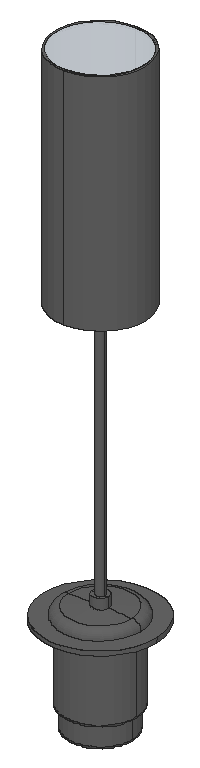
Revit family "LTC-4RDW-P", category Lighting Fixtures, host Face, Revit 2021
Family settings
  Host = Face
  Round Connector Dimension = Use Diameter
  Part Type = Normal
  OmniClass Number = 23.80.70.11.14.11
  OmniClass Title = Downlights
  Cut with Voids When Loaded = No
  Light Source = Yes
  Shared = No
  Room Calculation Point = No
Parameters (values of type "LTC-4RDW-P")
  Wattage Comments = "8-52W"
  Wattage = 100 W
  Warranty = "• 5 year warranty\r\n• See HLI Standard Warranty for\r\nadditional information"  # constant formula
  built-in parameter 1150110 = 1 (stored number, unit not read)
  Voltage = 120 V
  built-in parameter 1114217 = 1 (stored number, unit not read)
  Tilt Angle = -90.00°  # constant formula
  built-in parameter 1150109 = 1 (stored number, unit not read)
  built-in parameter 1150134 = 3
  built-in parameter 1150113 = 1 (stored number, unit not read)
  Photometric Web File = "LTC-4RD-P-20L35K8MD-DM1-S-BL.ies"
  Features = "•\t4inch architectural LED round downlight and wall wash cylinder delivering 600 - 4000 lm\r\n•\t4 beam distributions from 0.4 to 1.2 Spacing Criteria\r\n•\tQuiet reflector appearance with 50º optical cutoff\r\n•\t2700K - 5000K, 80+ and 90+ CRI options\r\n•\tAvailable in Surface, Wall, Pendant, or Cord Mount configurations\r\n•\tVariety of dimming protocol options including 0-10V, DALI, DMX, Forward Phase and EcoSystem\r\n•\tNX Distributed Intelligence™ wired and wireless controls capability available\r\n•\t2 SDCM color consistency\r\n•\tLong life L90 at 55,000 hrs (TM-21)\r\n•\tFive year warranty\r\n\r\n"  # constant formula
  Cord Height = 17.500"  # constant formula
  built-in parameter 1150105 = 159.15 (stored number, unit not read)
  Lumens = 2000 lm
  built-in parameter 1150115 = 1 (stored number, unit not read)
  built-in parameter 1150137 = (empty or 0)
  built-in parameter 1150139 = (empty or 0)
  built-in parameter 1150112 = 1 (stored number, unit not read)
  built-in parameter 1150114 = 1 (stored number, unit not read)
  built-in parameter 1150132 = 2
  built-in parameter 1150102 = (empty or 0)
  built-in parameter 1150107 = 3200 (stored number, unit not read)
  built-in parameter 1150138 = (empty or 0)
  built-in parameter 1150106 = 1.5915 (stored number, unit not read)
  Emit from Circle Diameter = 5.600"  # constant formula
  Emit Shape Visible in Rendering = no
  built-in parameter 1150104 = 1.8581 (stored number, unit not read)
  Dimming Lamp Color Temperature Shift = <None>
  Copyright = "© Litecontrol"  # constant formula
  Contact us = ""
  Color Filter = 16777215
  Certifications = "• cCSAus certified to UL 1598\r\n• Wall Mount: Suitable for wet locations\r\n• Surface & Pendant Mount: Suitable for wet\r\nlocations under covered ceiling\r\n• Cord Mount and all Wall Wash: Suitable for\r\ndamp locations"  # constant formula
  built-in parameter 1114218 = 1 (stored number, unit not read)
  Ballast = Paint -  Carbon Black
  URL = "https://www.currentlighting.com/litecontrol"
  Product Page URL = ""
  Product Documentation Link = ""
  Model = "LTC-4RDW"  # constant formula
  Manufacturer = "Litecontrol"  # constant formula
  Lamp = "LED Lamp"
  Reflector = Glass - Glass
  Description = "LITEISTRY™ 4inch Round Cylinder"  # constant formula
  Default Elevation = 48.000"
  built-in parameter 1150133 = 10 (stored number, unit not read)
  Apparent Load = 25 VA  # constant formula
Reference planes (in)
  plane 1 "Center (Front/Back)": y = 0
  plane 2: z = 0
  plane 3 "Center (Left/Right)": x = 0
  plane 4: z = 17.5
  plane 5: z = 17.25
  plane 6: x = -1
  plane 7: y = 1
  plane 8: x = 1
  plane 9: y = -1
  plane 10: z = 0.25
  plane 11: x = 3
  plane 12: x = -3
  plane 13: x = -2.75391
  plane 14: x = 2.75391
Forms (in)
  Revolve 1, solid, material "Paint -  Carbon Black" <- "Ballast"
    sketch origin (0, 0, -5.91673) x (1, 0, 0) y (0, 0, 1)
      loop
        line (-2.43738, 5.91673) -> (0, 5.91673) -> (0, 23.41673) -> (-0.38833, 23.41673) -> (-0.38833, 23.16673) -> (-0.25, 23.16673) -> (-0.25, 7.36595) -> (-0.5, 7.36595) -> (-0.5, 6.77409)
        arc (-0.5, 6.77409) -> (-1.23654, 6.76804) -> (-1.96967, 6.69706) r 8.34337
        arc (-1.96967, 6.69706) -> (-2.42455, 6.43938) -> (-2.43738, 5.91673) r 0.53033
      axis (0, 23.41673) -> (0, 5.91673)
    angle from 0 to 360
  Extrusion 2, solid, material "Paint -  Carbon Black" <- "Ballast"
    sketch origin (0, 0, 0) x (1, 0, 0) y (0, 1, 0)
      loop
        circle (0, 0) r 3.5
    from 0 to 0.25
  Revolve 3, solid, material "Paint -  Carbon Black" <- "Ballast"
    sketch origin (0, 0, 0) x (1, 0, 0) y (0, 0, 1)
      loop
        line (0, -6) -> (0, 0.00055) -> (-2.5, 0.00055) -> (-2.5, -0.43712)
        arc (-2.5, -0.43712) -> (-2.48175, -0.48119) -> (-2.43767, -0.49945) r 0.06233
        line (-2.43767, -0.49945) -> (-2.30081, -0.49945)
        arc (-2.30081, -0.49945) -> (-2.26488, -0.51433) -> (-2.25, -0.55026) r 0.05081
        line (-2.25, -0.55026) -> (-2.25, -4.55877)
        arc (-2.25, -4.55877) -> (-2.2306, -4.6056) -> (-2.18377, -4.625) r 0.06623
        line (-2.18377, -4.625) -> (-2.03463, -4.625)
        arc (-2.03463, -4.625) -> (-2.01014, -4.63514) -> (-2, -4.65963) r 0.03463
        line (-2, -4.65963) -> (-2, -5.88059)
        arc (-2, -5.88059) -> (-1.96503, -5.96503) -> (-1.88059, -6) r 0.11941
        line (-1.88059, -6) -> (0, -6)
      axis (0, 0.00055) -> (0, -6)
    angle from 0 to 360
Cuts and joins
  joined: Revolve 1, Extrusion 2
Dimensions and locks (in)
  "Cord Height": plane 4 to host face
  locked: plane 4 to plane 5 at 0.25
  plane 6 to plane 3 "Center (Left/Right)" to plane 8 = 1.000" locked, 1.000" locked
  plane 7 to plane 1 "Center (Front/Back)" to plane 9 = 1.000" locked, 1.000" locked
  locked: plane 10 to level at 0.25
  host face to Revolve 3 sketch curve = 6.000"
  nested 1 to nested 1 = 5.60156"
  nested 1 to plane 4 = 14.000"
  aligned and locked: plane 2 to host face
  aligned and locked: Revolve 1 sketch curve to plane 4
  aligned and locked: Revolve 1 sketch curve to host face
  aligned and locked: plane 5 to Revolve 1 sketch curve
  aligned and locked: plane 3 "Center (Left/Right)" to nested 1
  aligned and locked: nested 1 to plane 1 "Center (Front/Back)"
  aligned and locked: Extrusion 2 to level
  aligned and locked: plane 10 to Extrusion 2
  aligned and locked: plane 3 "Center (Left/Right)" to imposter light
Automatic sketch dimensions
  host sketch curve to host sketch curve = 96.000"  (x2)
  Revolve 3 sketch curve to plane 3 "Center (Left/Right)" = 0.000"  (x2)
  plane 13 to Revolve 3 sketch curve = 0.87332"
  Revolve 3 sketch curve to Revolve 3 sketch curve = 0.11941"
  Revolve 3 sketch curve to Revolve 3 sketch curve = 0.03463"
  Revolve 3 sketch curve to Revolve 3 sketch curve = 0.14914"
  Revolve 3 sketch curve to Revolve 3 sketch curve = 0.06623"
  Revolve 3 sketch curve to Revolve 3 sketch curve = 0.05081"
  Revolve 3 sketch curve to Revolve 3 sketch curve = 0.13687"
  level to Revolve 3 sketch curve = 0.00055"
  plane 13 to Revolve 3 sketch curve = 0.25391"
  Revolve 3 sketch curve to Revolve 3 sketch curve = 1.22096"
  Revolve 3 sketch curve to level = 0.55026"
  Revolve 3 sketch curve to Revolve 3 sketch curve = 17.63999"
  plane 4 to Revolve 3 sketch curve = 31.07883"
  plane 1 "Center (Front/Back)" to Extrusion 2 sketch curve = 0.000"
  Extrusion 2 sketch curve to plane 3 "Center (Left/Right)" = 0.000"
  Revolve 1 sketch curve to plane 3 "Center (Left/Right)" = 0.000"  (x2)
  Revolve 1 sketch curve to plane 3 "Center (Left/Right)" = 0.250"
  Revolve 1 sketch curve to Revolve 1 sketch curve = 0.13833"
  Revolve 1 sketch curve to Revolve 1 sketch curve = 0.500"
  plane 6 to Revolve 1 sketch curve = 0.20012"
  Revolve 1 sketch curve to plane 6 = 0.96967"
  Revolve 1 sketch curve to level = 7.48063"
  plane 10 to Revolve 1 sketch curve = 1.19922"
  Revolve 1 sketch curve to Revolve 1 sketch curve = 0.46771"
  Revolve 1 sketch curve to Revolve 1 sketch curve = 6.27665"
  Revolve 1 sketch curve to Revolve 1 sketch curve = 7.74272"
  Revolve 1 sketch curve to plane 10 = 0.000"
  radius of Extrusion 2 sketch curve = 3.500"
Nested families (in)
  nested 1: "LTC" at (0, 0, 17.5) x (0, 1, 0) z (0, 0, 1), Ballast <- "Ballast", Reflector <- "Reflector", type "6"
    with Reflector Glass - Glass, Ballast Paint -  Carbon Black
Connectors (in)
  electrical at (0, 0, 0), driven by "Description", driven by "Voltage", driven by "Apparent Load"
    settings: index 1, voltage 120 V, apparent load 25 VA, apparent load phase1 0 VA, apparent load phase2 0 VA, apparent load phase3 0 VA, power factor 1, load classification "Other", number of poles 1, system type 30, power factor state 1, is connector primary yes, connector utility no, sub classification motor no, connector description "LITEISTRY™ 4inch Round Cylinder"
Definition of nested family "LTC"
  Parameters
    Width = 5.60156"
    Wattage Comments = ""
    Lamp = ""
    Ballast [instance] = none
    URL = ""
    Product Page URL = ""
    Product Documentation Link = ""
    Model = ""
    Manufacturer Phone = ""
    Manufacturer Fax = ""
    Manufacturer = "Prescolite"
    Reflector [instance] = none
    Description = ""
    Default Elevation = 48.000"
  Reference planes (in)
    plane 1 "Center (Front/Back)": y = 0
    plane 2: z = 0
    plane 3 "Center (Left/Right)": x = 0
    plane 4: y = 7.75
    plane 5: y = -7.75
    plane 6: x = -2.80078
    plane 7: x = 2.80078
    plane 8: z = 14
    plane 9: z = 0.125
    plane 10: x = 2.67578
    plane 11: z = 13.875
  Forms (in)
    Extrusion 1, solid
      sketch origin (0, 0, 0) x (1, 0, 0) y (0, 1, 0)
        loop
          line (-48, 48) -> (-48, -48) -> (48, -48) -> (48, 48) -> (-48, 48)
      from 0 to -6
    Extrusion 2, solid, material <- "Reflector"
      sketch origin (0, 0, 30.25) x (1, 0, 0) y (0, 1, 0)
        loop
          circle (0, 0) r 2.67578
      from -16.25 to -16.375
    Revolve 3, solid, material <- "Ballast"
      sketch origin (0, 0, -1.25) x (1, 0, 0) y (0, 0, 1)
        loop
          line (2.80078, 15.25) -> (2.67578, 15.25) -> (2.67578, 1.375) -> (0, 1.375) -> (0, 1.25) -> (2.80078, 1.25) -> (2.80078, 15.25)
        axis (0, 15.25) -> (0, 1.25)
      angle from 0 to 360
  Dimensions and locks (in)
    locked: plane 4 to plane 1 "Center (Front/Back)" at 7.75
    locked: plane 5 to plane 1 "Center (Front/Back)" at 7.75
    "Width": plane 7 to plane 6
    plane 8 to Extrusion 1 = 14.000"
    locked: plane 8 to plane 11 at 0.125
    locked: plane 7 to plane 10 at 0.125
    equal spacing: plane 7, plane 3 "Center (Left/Right)", plane 6
    locked: plane 9 to Extrusion 1 at 0.125
    aligned and locked: plane 2 to Extrusion 1
    aligned and locked: Revolve 3 sketch curve to plane 3 "Center (Left/Right)"
    aligned and locked: plane 8 to Revolve 3 sketch curve
    aligned and locked: plane 9 to Revolve 3 sketch curve
    aligned and locked: Revolve 3 to Extrusion 2
    aligned and locked: Extrusion 2 to plane 11
    aligned and locked: Extrusion 2 sketch curve to Revolve 3
    aligned and locked: Revolve 3 sketch curve to plane 10
    aligned and locked: Revolve 3 sketch curve to plane 7
  Automatic sketch dimensions
    Extrusion 1 sketch curve to Extrusion 1 sketch curve = 96.000"  (x2)
    Revolve 3 sketch curve to plane 3 "Center (Left/Right)" = 0.000"
    Revolve 3 sketch curve to level = 10.000"
    Revolve 3 sketch curve to Revolve 3 sketch curve = 8.000"
    Revolve 3 sketch curve to plane 9 = 0.125"
